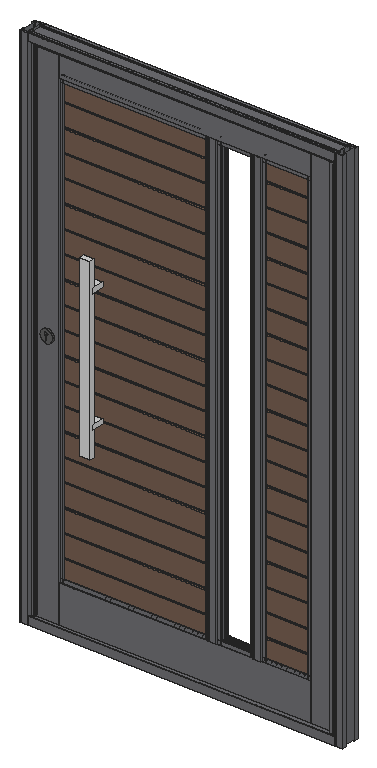
Revit family "Y1321P Y2 CH K RH", category Doors, host Wall, Revit 2024 (continued)
Automatic sketch dimensions
  Extrusion 15 sketch curve to Extrusion 15 sketch curve = 1.5 mm  (x2)
  Extrusion 15 sketch curve to host wall = 17.1 mm  (x2)
  Extrusion 15 sketch curve to host wall = 19.7 mm
  Extrusion 15 sketch curve to Extrusion 15 sketch curve = 4.4 mm  (x2)
  Extrusion 15 sketch curve to Extrusion 15 sketch curve = 2.6 mm  (x2)
  Extrusion 15 sketch curve to Extrusion 15 sketch curve = 4.95 mm
  plane 5 to Extrusion 15 sketch curve = 46.5 mm
  Extrusion 15 sketch curve to Extrusion 15 sketch curve = 2 mm  (x4)
  Extrusion 15 sketch curve to Extrusion 15 sketch curve = 12.447 mm  (x4)
  Extrusion 15 sketch curve to Extrusion 15 sketch curve = 0.953 mm  (x20)
  Extrusion 15 sketch curve to Extrusion 15 sketch curve = 3 mm  (x11)
  Extrusion 15 sketch curve to Extrusion 15 sketch curve = 10.747 mm  (x3)
  Extrusion 15 sketch curve to Extrusion 15 sketch curve = 30.295 mm  (x2)
  Extrusion 15 sketch curve to Extrusion 15 sketch curve = 7.947 mm  (x2)
  Extrusion 15 sketch curve to Extrusion 15 sketch curve = 10.547 mm  (x2)
  Extrusion 15 sketch curve to Extrusion 15 sketch curve = 0.8 mm
  Extrusion 15 sketch curve to Extrusion 15 sketch curve = 1.205 mm
  Extrusion 15 sketch curve to Extrusion 15 sketch curve = 1.293 mm  (x2)
  Extrusion 15 sketch curve to Extrusion 15 sketch curve = 0.241 mm  (x2)
  Extrusion 15 sketch curve to Extrusion 15 sketch curve = 0.402 mm  (x2)
  Extrusion 15 sketch curve to Extrusion 15 sketch curve = 10.607 mm  (x2)
  Extrusion 15 sketch curve to Extrusion 15 sketch curve = 0.693 mm  (x2)
  Extrusion 15 sketch curve to Extrusion 15 sketch curve = 2.5 mm  (x2)
  Extrusion 15 sketch curve to Extrusion 15 sketch curve = 1.2 mm  (x2)
  level to Extrusion 15 sketch curve = 198.5 mm
  Extrusion 15 sketch curve to Extrusion 15 sketch curve = 0.993 mm
  Extrusion 15 sketch curve to Extrusion 15 sketch curve = 1.066 mm
  Extrusion 15 sketch curve to Extrusion 15 sketch curve = 0.405 mm
  level to Extrusion 15 sketch curve = 70.953 mm
  host wall to Extrusion 16 sketch curve = 12 mm  (x7)
  Extrusion 16 sketch curve to Extrusion 16 sketch curve = 0 mm  (x45)
  host wall to Extrusion 16 sketch curve = 4.5 mm  (x19)
  Extrusion 16 sketch curve to host wall = 2.5 mm  (x19)
  Extrusion 16 sketch curve to Extrusion 16 sketch curve = 7.5 mm  (x20)
  plane 5 to Extrusion 16 sketch curve = 131.5 mm
  Extrusion 16 sketch curve to Extrusion 16 sketch curve = 81.7 mm
  Extrusion 16 sketch curve to Extrusion 16 sketch curve = 8 mm  (x25)
  Extrusion 16 sketch curve to Extrusion 16 sketch curve = 82.7 mm  (x19)
  host wall to Extrusion 17 sketch curve = 12 mm  (x7)
  Extrusion 17 sketch curve to Extrusion 17 sketch curve = 0 mm  (x45)
  host wall to Extrusion 17 sketch curve = 4.5 mm  (x19)
  Extrusion 17 sketch curve to host wall = 2.5 mm  (x19)
  Extrusion 17 sketch curve to Extrusion 17 sketch curve = 7.5 mm  (x20)
  plane 5 to Extrusion 17 sketch curve = 131.5 mm
  Extrusion 17 sketch curve to Extrusion 17 sketch curve = 81.7 mm
  Extrusion 17 sketch curve to Extrusion 17 sketch curve = 8 mm  (x25)
  Extrusion 17 sketch curve to Extrusion 17 sketch curve = 82.7 mm  (x19)
  Extrusion 18 sketch curve to host wall = 0 mm
  Extrusion 18 sketch curve to host wall = 20 mm
  Extrusion 18 sketch curve to plane 3 "Left" = 269.704 mm
  Extrusion 18 sketch curve to Extrusion 18 sketch curve = 40 mm
  Extrusion 19 sketch curve to plane 3 "Left" = 269.704 mm  (x2)
  Extrusion 19 sketch curve to Extrusion 19 sketch curve = 40 mm  (x2)
  level to Extrusion 19 sketch curve = 805 mm
  Extrusion 19 sketch curve to Extrusion 19 sketch curve = 20 mm  (x2)
  Extrusion 19 sketch curve to Extrusion 19 sketch curve = 470 mm
  Extrusion 20 sketch curve to host wall = 18 mm
  Extrusion 20 sketch curve to plane 3 "Left" = 269.704 mm
  host wall to Extrusion 20 sketch curve = 2 mm
  Extrusion 20 sketch curve to Extrusion 20 sketch curve = 40 mm
  Extrusion 21 sketch curve to plane 3 "Left" = 269.704 mm  (x2)
  Extrusion 21 sketch curve to Extrusion 21 sketch curve = 40 mm  (x2)
  plane 5 to Extrusion 21 sketch curve = 805 mm
  Extrusion 21 sketch curve to Extrusion 21 sketch curve = 20 mm  (x2)
  Extrusion 21 sketch curve to Extrusion 21 sketch curve = 470 mm
  radius of Extrusion 8 sketch curve = 25 mm
  radius of Extrusion 9 sketch curve = 25 mm
